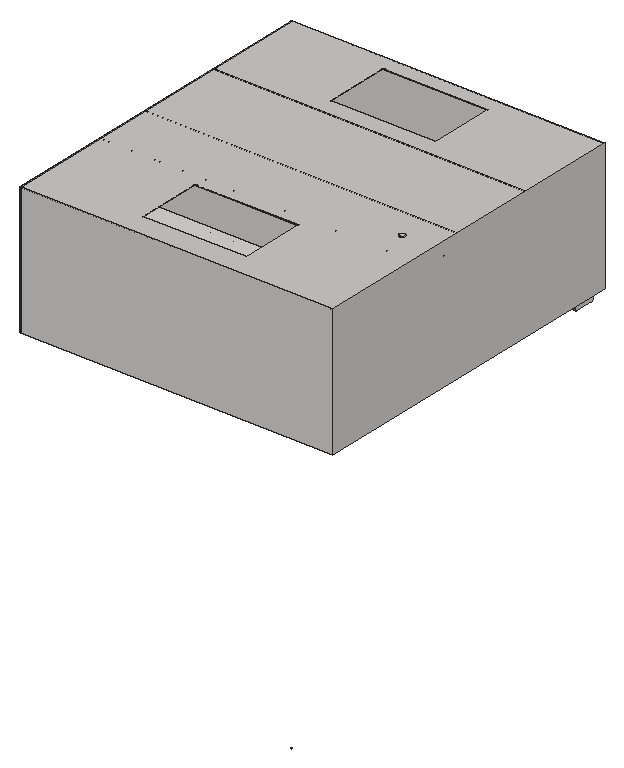
Revit family "QF_ELECTROLUXPROFESSIONAL_640227_STPF1312", category Attrezzature speciali, Revit 2021
Family settings
  Quota connettore circolare = Usa diametro
  Tipo di parte = Normale
  Basato su piano di lavoro = No
  Sempre verticale = Sì
  Taglio con vuoti quando caricato = No
  Condiviso = No
  Punto di calcolo locali = No
Parameters (values of type "Standard")
  Weight = 93.00 kg
  Watts = 120 W
  Volts = 220 V
  URL Manufacturer = "https://www.electroluxprofessional.com/"
  URL = "https://www.electroluxprofessional.com/"
  Steam Supply Size = 0 mm
  Steam Supply Minimum Pressure = 0.0 Pa
  Steam Supply Maximum Pressure = 0.0 Pa
  Steam Consumption per Hour = 0
  Refrigeration Suction Line Size = 0 mm
  Refrigeration Liquid Line Size = 0 mm
  Refrigerant Compressor Remote = yes
  Prospetto di default = 0 mm
  Produttore = "Electrolux Professional"
  Phase = 1
  Modello = "STPF1312"
  Length Actual = 1200 mm  # constant formula
  Item Number = "640227"
  Hot Water Size = 0 mm
  Height Actual = 500 mm  # constant formula
  HP = "0.2 HP"
  Gas Size = 0 mm
  Gas KW = 0
  Gas Input Pressure = 0 W
  Direct Waste Size = 0 mm
  Descrizione = "304 S/S WALL HOOD+FILTER+LAMPS 1200X1300"
  Depth Actual = 1300 mm  # constant formula
  Cycle = 50 Hz
  Condensate Return Size = 0 mm
  Compressed Air Volume = 0.0 L/s
  Compressed Air Size = 0 mm
  Compressed Air Pressure = 0.0 Pa
  Cold Water Size = 0 mm
  Accessory = yes
Reference planes
  plane 1: z = 0
  plane 2 "Center (Left/Right)": x = 150
  plane 3 "LEFT": x = -450
  plane 4 "RIGHT": x = 750
  plane 5 "BACK": y = 550
  plane 6 "TOP": z = 2500
  plane 7 "Base": z = 2000
  plane 8: z = 1955
  plane 9 "DrainY": y = 490
  plane 10: x = -447
  plane 11 "DrainX": x = 630
  plane 12 "AOLeft2": x = 350
  plane 13: x = 747
  plane 14: x = -250
  plane 15: x = 550
  plane 16 "Center (Front/Back)": y = -100
  plane 17 "Front": y = -750
  plane 18 "AOLeft1": x = -50
  plane 19: y = -664
  plane 20: y = -414
  plane 21: y = 240
  plane 22: y = 490
  plane 23 "EI_y": y = -270
  plane 24 "EIx": x = 630
Forms (mm)
  Extrusion 1, solid, material "QF_Finishes_Stainless Steel"
    sketch origin (-450, 0, 360) x (0, 1, 0) y (0, 0, 1)
      loop
        line (550, 1640) -> (550, 2140) -> (-750, 2140) -> (-750, 1640) -> (550, 1640)
    from 0 to 3
  Extrusion 2, solid, material "QF_Finishes_Stainless Steel"
    sketch origin (750, 0, 360) x (0, 1, 0) y (0, 0, 1)
      loop
        line (550, 1640) -> (550, 2140) -> (-750, 2140) -> (-750, 1640) -> (550, 1640)
    from 0 to -3
  Extrusion 3, solid, material "QF_Finishes_Stainless Steel"
    sketch origin (150, 0, 360) x (0, 1, 0) y (0, 0, 1)
      loop
        line (-750, 2140) -> (-750, 1640) -> (-740, 1640) -> (-740, 1640.8) -> (-749.2, 1640.8) -> (-749.2, 2139.19) -> (549.2, 2139.19) -> (549.2, 1640.8) -> (540, 1640.8) -> (540, 1640) -> (550, 1640) -> (550, 2140) -> (-750, 2140)
    from -600 to 600
  Extrusion 4, solid, material "QF_Finishes_Stainless Steel"
    sketch origin (0, 0, 2000) x (0, 1, 0) y (-1, 0, 0)
      loop
        circle (490, -630) r 4.763
    from -30 to 0
  Extrusion 5, void
    sketch origin (0, 0, 2500) x (0, 1, 0) y (-1, 0, 0)
      loop
        line (-414, -350) -> (-414, 50) -> (-664, 50) -> (-664, -350) -> (-414, -350)
    from 0 to -10
  Extrusion 6, solid, material "QF_Finishes_Stainless Steel"
    sketch origin (0, 0, 0) x (1, 0, 0) y (0, 1, 0)
      loop
        line (-450, 550) -> (-450, 549) -> (-449, 549) -> (-449, 550) -> (-450, 550)
    from 0 to 1
  Extrusion 7, solid, material "QF_LAMPS"
    sketch origin (150, 0, 360) x (0, 1, 0) y (0, 0, 1)
      loop
        line (-372.823, 1962.324) -> (-218.948, 2086.929) -> (-227.129, 2097.032) -> (-381.003, 1972.426) -> (-372.823, 1962.324)
    from 597 to -597
  Extrusion 8, solid, material "QF_Finishes_Stainless Steel"
    sketch origin (150, 0, 360) x (0, 1, 0) y (0, 0, 1)
      loop
        line (-750, 2139.19) -> (-750, 1640) -> (-686.602, 1640) -> (-599.146, 1690.493) -> (-610.058, 1709.394) -> (-666.564, 1676.77) -> (-714.704, 1680.982) -> (-749.2, 1730.248) -> (-749.2, 2139.19) -> (-750, 2139.19)
      loop
        line (-373.6, 1961.694) -> (-381.937, 1971.99) -> (-369.095, 1982.182) -> (-369.095, 2139.19) -> (-369.895, 2139.19) -> (-369.895, 1982.569) -> (-682.298, 1734.63) -> (-671.091, 1720.79) -> (-373.6, 1961.694)
      loop
        line (-227.61, 2099.216) -> (-218.171, 2087.559) -> (-154.411, 2139.19) -> (-155.682, 2139.19) -> (-218.052, 2088.684) -> (-226.989, 2099.719) -> (-227.61, 2099.216)
    from -597 to 597
  Sweep 9, solid, material "QF_Finishes_Stainless Steel"
    path origin (0, 0, 0) x (1, 0, 0) y (0, 1, 0)
      loop
        line (750, 550) -> (-450, 550) -> (-450, -750) -> (750, -750) -> (750, 550)
    profile origin (750, -100, 0) x (1, 0, 0) y (0, 0, 1)
      loop
        line (-3, 2000) -> (-3, 2000.8) -> (-19, 2000.8) -> (-19, 2010) -> (-20, 2010) -> (-20, 2000) -> (-3, 2000)
  Extrusion 10, solid, material "QF_Finishes_Stainless Steel"
    sketch origin (150, 0, 0) x (0, 1, 0) y (0, 0, 1)
      loop
        line (414.66, 2095.469) -> (440.643, 2110.471) -> (261.744, 2411.771) -> (235.948, 2396.455) -> (414.66, 2095.469)
    from -597 to -400
  Extrusion 11, solid, material "QF_Finishes_Stainless Steel"
    sketch origin (630, 0, 0) x (0, 1, 0) y (0, 0, 1)
      loop
        line (539, 2000) -> (441, 2000) -> (441, 1989) -> (448.5, 1989) -> (448.5, 1965)
        arc (448.5, 1965) -> (451.429, 1957.929) -> (458.5, 1955) r 10
        line (458.5, 1955) -> (521.5, 1955)
        arc (521.5, 1955) -> (528.571, 1957.929) -> (531.5, 1965) r 10
        line (531.5, 1965) -> (531.5, 1989) -> (539, 1989) -> (539, 2000)
    from 90 to -90
  Extrusion 12, solid, material "QF_Finishes_Stainless Steel"
    sketch origin (150, 0, 360) x (0, 1, 0) y (0, 0, 1)
      loop
        line (-750, 2139.19) -> (-750, 1640) -> (-686.602, 1640) -> (-599.146, 1690.493) -> (-610.058, 1709.394) -> (-666.564, 1676.77) -> (-714.704, 1680.982) -> (-749.2, 1730.248) -> (-749.2, 2139.19) -> (-750, 2139.19)
      loop
        line (-373.6, 1961.694) -> (-381.937, 1971.99) -> (-369.095, 1982.182) -> (-369.095, 2139.19) -> (-369.895, 2139.19) -> (-369.895, 1982.569) -> (-682.298, 1734.63) -> (-671.091, 1720.79) -> (-373.6, 1961.694)
      loop
        line (-227.61, 2099.216) -> (-218.171, 2087.559) -> (-154.411, 2139.19) -> (-155.682, 2139.19) -> (-218.052, 2088.684) -> (-226.989, 2099.719) -> (-227.61, 2099.216)
    from -597 to 597
  Extrusion 13, solid, material "QF_Finishes_Stainless Steel"
    sketch origin (150, 0, 0) x (0, 1, 0) y (0, 0, 1)
      loop
        line (414.66, 2095.469) -> (440.643, 2110.471) -> (261.744, 2411.771) -> (235.948, 2396.455) -> (414.66, 2095.469)
    from 400 to 597
  Extrusion 14, solid, material "QF_Finished_Chrome"
    sketch origin (150, 0, 0) x (0, 1, 0) y (0, 0, 1)
      loop
        line (414.66, 2095.469) -> (440.643, 2110.471) -> (261.744, 2411.771) -> (235.948, 2396.455) -> (414.66, 2095.469)
    from -400 to 400
  Extrusion 15, void
    sketch origin (0, 1180, 2500) x (0, 1, 0) y (-1, 0, 0)
      loop
        line (-690, -350) -> (-690, 50) -> (-940, 50) -> (-940, -350) -> (-690, -350)
    from 0 to -10
  Extrusion 16, solid, material "QF_Finishes_Stainless Steel"
    sketch origin (0, 0, 2500) x (0, 1, 0) y (-1, 0, 0)
      loop
        circle (-270, -630) r 10
    from 0 to 1.6
  Extrusion 17, solid, material "QF_Finishes_Stainless Steel"
    sketch origin (150, 0, 360) x (0, 1, 0) y (0, 0, 1)
      loop
        line (430.005, 1640) -> (540, 1640) -> (540, 1640.8) -> (430.467, 1640.8) -> (371.906, 1742.23) -> (414.858, 1734.657) -> (442.266, 1750.481) -> (442.266, 1765.943) -> (441.466, 1765.943) -> (441.466, 1750.943) -> (414.709, 1735.495) -> (321.153, 1751.991) -> (320.875, 1750.416) -> (371.4, 1741.507) -> (430.005, 1640)
      loop
        line (172.529, 2139.19) -> (242.893, 2017.316) -> (245.133, 2018.715) -> (240.13, 2027.381) -> (238.569, 2026.405) -> (173.453, 2139.19) -> (172.529, 2139.19)
    from -597 to 597
Cuts and joins
  Extrusion 5, Extrusion 15 cuts Extrusion 3
  joined: Extrusion 2, Extrusion 3, Sweep 9
Lines and regions (mm)
  symbolic lines, style "SpecialityEquipment", detail levels coarse
    curve 1: line (750, 550, 2500) -> (-450, 550, 2500)
    curve 2: line (-450, 550, 2500) -> (-450, -750, 2500)
    curve 3: line (750, -750, 2500) -> (750, 550, 2500)
    curve 4: line (-450, 550, 0) -> (750, -750, 0)
    curve 5: line (750, 550, 0) -> (-450, -750, 0)
    curve 6: line (-450, -750, 0) -> (750, -750, 0)
    curve 7: line (350, -414, 0) -> (-50, -414, 0)
    curve 8: line (350, -664, 0) -> (350, -414, 0)
    curve 9: line (-50, -664, 0) -> (350, -664, 0)
    curve 10: line (-50, -414, 0) -> (-50, -664, 0)
  symbolic lines, detail levels coarse
    curve 11: line (-50, 240, 2500) -> (350, 240, 2500)
    curve 12: line (-50, 490, 2500) -> (-50, 240, 2500)
    curve 13: line (350, 490, 2500) -> (-50, 490, 2500)
    curve 14: line (350, 240, 2500) -> (350, 490, 2500)
Dimensions and locks
  plane 3 "LEFT" to plane 4 "RIGHT" = 1200 mm
  equal spacing: plane 3 "LEFT", plane 2 "Center (Left/Right)", plane 4 "RIGHT"
  plane 7 "Base" to plane 8 = 45 mm
  plane 5 "BACK" to plane 9 "DrainY" = 60 mm  (x2)
  plane 3 "LEFT" to plane 10 = 3 mm
  plane 11 "DrainX" to plane 4 "RIGHT" = 120 mm
  plane 13 to plane 4 "RIGHT" = 3 mm
  plane 3 "LEFT" to plane 14 = 200 mm
  plane 15 to plane 4 "RIGHT" = 200 mm
  locked: plane 7 "Base" to level at 2000
  locked: plane 6 "TOP" to plane 7 "Base" at 500
  locked: plane 5 "BACK" to plane 17 "Front" at 1300
  equal spacing: plane 5 "BACK", plane 16 "Center (Front/Back)", plane 17 "Front"
  locked: plane 20 to plane 19 at 250
  plane 19 to plane 17 "Front" = 86 mm
  locked: plane 22 to plane 21 at 250
  plane 5 "BACK" to plane 22 = 60 mm
  locked: plane 23 "EI_y" to plane 17 "Front" at 480
  locked: plane 24 "EIx" to plane 4 "RIGHT" at 120
  locked: plane 18 "AOLeft1" to plane 12 "AOLeft2" at 400
  equal spacing: plane 18 "AOLeft1", plane 2 "Center (Left/Right)", plane 12 "AOLeft2"
  plane 5 "BACK" to plane 17 "Front" = 1300 mm
  aligned and locked: level to plane 1
  aligned and locked: plane 4 "RIGHT" to Extrusion 3
  aligned and locked: Extrusion 3 to plane 3 "LEFT"
  aligned and locked: Extrusion 2 to plane 13
  aligned and locked: Extrusion 10 to plane 10
  aligned and locked: Extrusion 8 to plane 10
  aligned and locked: plane 13 to Extrusion 8
  aligned and locked: Extrusion 5 to plane 18 "AOLeft1"
  aligned and locked: Extrusion 5 to plane 12 "AOLeft2"
  aligned and locked: plane 14 to Extrusion 10
  aligned and locked: plane 15 to Extrusion 13
  aligned and locked: plane 13 to Extrusion 13
  aligned and locked: Extrusion 14 to plane 14
  aligned and locked: Extrusion 14 to plane 15
  aligned and locked: plane 13 to Extrusion 7
  aligned and locked: Extrusion 7 to plane 10
  aligned and locked: Extrusion 15 to plane 21
  aligned and locked: plane 22 to Extrusion 15
  aligned and locked: Extrusion 15 to plane 18 "AOLeft1"
  aligned and locked: Extrusion 15 to plane 12 "AOLeft2"
  aligned and locked: Extrusion 17 to plane 10
  aligned and locked: plane 13 to Extrusion 17
  aligned and locked: plane 13 to Extrusion 12
  aligned and locked: Extrusion 12 to plane 10
  aligned and locked: cut or joined group of Extrusion 2, Extrusion 3, Extrusion 5, Sweep 9, Extrusion 15 to curve 7
  aligned and locked: cut or joined group of Extrusion 2, Extrusion 3, Extrusion 5, Sweep 9, Extrusion 15 to plane 19
  aligned and locked: curve 9 to plane 19
Automatic sketch dimensions
  curve 6 to plane 3 "LEFT" = 0 mm
  curve 4 to plane 3 "LEFT" = 0 mm
  curve 10 to plane 18 "AOLeft1" = 0 mm
  curve 8 to plane 12 "AOLeft2" = 0 mm
  curve 5 to plane 4 "RIGHT" = 0 mm
  curve 6 to plane 4 "RIGHT" = 0 mm
  curve 4 to plane 17 "Front" = 0 mm
  curve 4 to plane 5 "BACK" = 0 mm
  curve 5 to plane 5 "BACK" = 0 mm
  curve 2 to plane 3 "LEFT" = 0 mm
  curve 2 to plane 17 "Front" = 0 mm
  curve 3 to plane 4 "RIGHT" = 0 mm
  curve 3 to plane 17 "Front" = 0 mm
  curve 2 to plane 5 "BACK" = 0 mm
  Extrusion 1 sketch curve to plane 7 "Base" = 0 mm
  Extrusion 1 sketch curve to plane 17 "Front" = 0 mm
  Extrusion 1 sketch curve to plane 5 "BACK" = 0 mm
  Extrusion 1 sketch curve to plane 6 "TOP" = 0 mm
  Extrusion 2 sketch curve to plane 7 "Base" = 0 mm
  Extrusion 2 sketch curve to plane 17 "Front" = 0 mm
  Extrusion 2 sketch curve to plane 5 "BACK" = 0 mm
  Extrusion 2 sketch curve to plane 6 "TOP" = 0 mm
  Extrusion 3 sketch curve to plane 6 "TOP" = 0 mm
  Extrusion 3 sketch curve to plane 17 "Front" = 0 mm
  Extrusion 3 sketch curve to plane 7 "Base" = 0 mm  (x2)
  Extrusion 3 sketch curve to plane 5 "BACK" = 0 mm
  plane 17 "Front" to Extrusion 3 sketch curve = 0.8 mm
  Extrusion 3 sketch curve to Extrusion 3 sketch curve = 9.2 mm
  plane 7 "Base" to Extrusion 3 sketch curve = 0.8 mm  (x2)
  Extrusion 3 sketch curve to plane 5 "BACK" = 10 mm
  Extrusion 3 sketch curve to plane 5 "BACK" = 0.8 mm
  Extrusion 3 sketch curve to plane 6 "TOP" = 0.81 mm
  Extrusion 4 sketch curve to plane 9 "DrainY" = 0 mm
  Extrusion 4 sketch curve to plane 11 "DrainX" = 0 mm
  Extrusion 5 sketch curve to plane 12 "AOLeft2" = 0 mm
  Extrusion 5 sketch curve to plane 18 "AOLeft1" = 0 mm
  plane 19 to Extrusion 5 sketch curve = 0 mm
  Extrusion 5 sketch curve to plane 23 "EI_y" = 144 mm
  Extrusion 6 sketch curve to plane 3 "LEFT" = 0 mm
  Extrusion 6 sketch curve to plane 5 "BACK" = 0 mm
  plane 3 "LEFT" to Extrusion 6 sketch curve = 1 mm
  Extrusion 6 sketch curve to Extrusion 6 sketch curve = 1 mm
  plane 20 to Extrusion 7 sketch curve = 32.997 mm
  Extrusion 7 sketch curve to Extrusion 7 sketch curve = 8.181 mm  (x2)
  plane 23 "EI_y" to Extrusion 7 sketch curve = 42.871 mm
  Extrusion 7 sketch curve to plane 6 "TOP" = 177.676 mm
  Extrusion 7 sketch curve to Extrusion 7 sketch curve = 10.102 mm
  Extrusion 7 sketch curve to plane 6 "TOP" = 53.071 mm
  Extrusion 7 sketch curve to Extrusion 7 sketch curve = 10.103 mm
  Extrusion 8 sketch curve to plane 7 "Base" = 0 mm
  Extrusion 8 sketch curve to plane 17 "Front" = 0 mm
  Extrusion 8 sketch curve to Extrusion 8 sketch curve = 0.8 mm  (x2)
  plane 17 "Front" to Extrusion 8 sketch curve = 35.296 mm
  Extrusion 8 sketch curve to plane 19 = 22.602 mm
  Extrusion 8 sketch curve to plane 19 = 18.298 mm
  Extrusion 8 sketch curve to plane 19 = 7.091 mm
  Extrusion 8 sketch curve to plane 19 = 2.564 mm
  plane 19 to Extrusion 8 sketch curve = 53.942 mm
  Extrusion 8 sketch curve to Extrusion 8 sketch curve = 10.912 mm
  plane 20 to Extrusion 8 sketch curve = 32.063 mm
  Extrusion 8 sketch curve to Extrusion 8 sketch curve = 8.337 mm
  Extrusion 8 sketch curve to Extrusion 8 sketch curve = 12.042 mm
  plane 23 "EI_y" to Extrusion 8 sketch curve = 42.39 mm
  Extrusion 8 sketch curve to Extrusion 8 sketch curve = 0.622 mm
  Extrusion 8 sketch curve to Extrusion 8 sketch curve = 9.44 mm
  Extrusion 8 sketch curve to Extrusion 8 sketch curve = 0.118 mm
  Extrusion 8 sketch curve to plane 6 "TOP" = 0.81 mm  (x3)
  Extrusion 8 sketch curve to plane 16 "Center (Front/Back)" = 55.682 mm
  Extrusion 8 sketch curve to Extrusion 8 sketch curve = 1.271 mm
  plane 7 "Base" to Extrusion 8 sketch curve = 36.77 mm
  plane 7 "Base" to Extrusion 8 sketch curve = 40.982 mm
  plane 7 "Base" to Extrusion 8 sketch curve = 50.493 mm
  Extrusion 8 sketch curve to Extrusion 8 sketch curve = 18.901 mm
  Extrusion 8 sketch curve to Extrusion 8 sketch curve = 44.02 mm
  Extrusion 8 sketch curve to Extrusion 8 sketch curve = 49.266 mm
  Extrusion 8 sketch curve to Extrusion 8 sketch curve = 13.84 mm
  Extrusion 8 sketch curve to plane 6 "TOP" = 178.306 mm
  Extrusion 8 sketch curve to Extrusion 8 sketch curve = 10.296 mm
  Extrusion 8 sketch curve to Extrusion 8 sketch curve = 10.192 mm
  Extrusion 8 sketch curve to Extrusion 8 sketch curve = 0.386 mm
  Extrusion 8 sketch curve to plane 6 "TOP" = 52.441 mm
  Extrusion 8 sketch curve to Extrusion 8 sketch curve = 1.125 mm
  Sweep 9 sketch curve to plane 3 "LEFT" = 0 mm
  Sweep 9 sketch curve to plane 4 "RIGHT" = 0 mm
  Sweep 9 sketch curve to plane 17 "Front" = 0 mm
  Sweep 9 sketch curve to plane 5 "BACK" = 0 mm
  profile plane to Sweep 9 sketch curve = 20 mm
  Sweep 9 sketch curve to Sweep 9 sketch curve = 1 mm
  profile plane to Sweep 9 sketch curve = 3 mm
  level to Sweep 9 sketch curve = 2000 mm
  Sweep 9 sketch curve to Sweep 9 sketch curve = 0.8 mm
  Sweep 9 sketch curve to Sweep 9 sketch curve = 9.2 mm
  Extrusion 10 sketch curve to plane 21 = 4.052 mm
  plane 21 to Extrusion 10 sketch curve = 21.744 mm
  Extrusion 10 sketch curve to plane 9 "DrainY" = 75.34 mm
  Extrusion 10 sketch curve to Extrusion 10 sketch curve = 25.983 mm
  plane 7 "Base" to Extrusion 10 sketch curve = 95.469 mm
  Extrusion 10 sketch curve to Extrusion 10 sketch curve = 15.001 mm
  Extrusion 10 sketch curve to plane 6 "TOP" = 103.545 mm
  Extrusion 10 sketch curve to Extrusion 10 sketch curve = 15.316 mm
  Extrusion 12 sketch curve to plane 7 "Base" = 0 mm
  Extrusion 12 sketch curve to plane 17 "Front" = 0 mm
  Extrusion 12 sketch curve to Extrusion 12 sketch curve = 0.8 mm  (x2)
  plane 17 "Front" to Extrusion 12 sketch curve = 35.296 mm
  Extrusion 12 sketch curve to plane 19 = 22.602 mm
  Extrusion 12 sketch curve to plane 19 = 18.298 mm
  Extrusion 12 sketch curve to plane 19 = 7.091 mm
  Extrusion 12 sketch curve to plane 19 = 2.564 mm
  plane 19 to Extrusion 12 sketch curve = 53.942 mm
  Extrusion 12 sketch curve to Extrusion 12 sketch curve = 10.912 mm
  plane 20 to Extrusion 12 sketch curve = 32.063 mm
  Extrusion 12 sketch curve to Extrusion 12 sketch curve = 8.337 mm
  Extrusion 12 sketch curve to plane 6 "TOP" = 0.81 mm  (x3)
  plane 20 to Extrusion 12 sketch curve = 44.105 mm
  plane 23 "EI_y" to Extrusion 12 sketch curve = 42.39 mm
  Extrusion 12 sketch curve to Extrusion 12 sketch curve = 0.622 mm
  Extrusion 12 sketch curve to Extrusion 12 sketch curve = 9.44 mm
  Extrusion 12 sketch curve to Extrusion 12 sketch curve = 0.118 mm
  Extrusion 12 sketch curve to plane 16 "Center (Front/Back)" = 55.682 mm
  Extrusion 12 sketch curve to Extrusion 12 sketch curve = 1.271 mm
  plane 7 "Base" to Extrusion 12 sketch curve = 36.77 mm
  plane 7 "Base" to Extrusion 12 sketch curve = 40.982 mm
  plane 7 "Base" to Extrusion 12 sketch curve = 50.493 mm
  Extrusion 12 sketch curve to Extrusion 12 sketch curve = 18.901 mm
  Extrusion 12 sketch curve to Extrusion 12 sketch curve = 44.02 mm
  Extrusion 12 sketch curve to Extrusion 12 sketch curve = 49.266 mm
  Extrusion 12 sketch curve to Extrusion 12 sketch curve = 13.84 mm
  Extrusion 12 sketch curve to Extrusion 12 sketch curve = 177.496 mm
  Extrusion 12 sketch curve to Extrusion 12 sketch curve = 10.296 mm
  Extrusion 12 sketch curve to Extrusion 12 sketch curve = 10.192 mm
  Extrusion 12 sketch curve to Extrusion 12 sketch curve = 0.386 mm
  Extrusion 12 sketch curve to plane 6 "TOP" = 52.441 mm
  Extrusion 12 sketch curve to Extrusion 12 sketch curve = 1.125 mm
  Extrusion 13 sketch curve to plane 21 = 4.052 mm
  plane 21 to Extrusion 13 sketch curve = 21.744 mm
  Extrusion 13 sketch curve to plane 9 "DrainY" = 75.34 mm
  Extrusion 13 sketch curve to Extrusion 13 sketch curve = 25.983 mm
  plane 7 "Base" to Extrusion 13 sketch curve = 95.469 mm
  Extrusion 13 sketch curve to Extrusion 13 sketch curve = 15.001 mm
  Extrusion 13 sketch curve to plane 6 "TOP" = 103.545 mm
  Extrusion 13 sketch curve to Extrusion 13 sketch curve = 15.316 mm
  Extrusion 14 sketch curve to plane 21 = 4.052 mm
  plane 21 to Extrusion 14 sketch curve = 21.744 mm
  Extrusion 14 sketch curve to plane 9 "DrainY" = 75.34 mm
  Extrusion 14 sketch curve to Extrusion 14 sketch curve = 25.983 mm
  plane 7 "Base" to Extrusion 14 sketch curve = 95.469 mm
  Extrusion 14 sketch curve to Extrusion 14 sketch curve = 15.001 mm
  Extrusion 14 sketch curve to plane 6 "TOP" = 103.545 mm
  Extrusion 14 sketch curve to Extrusion 14 sketch curve = 15.316 mm
  Extrusion 15 sketch curve to plane 12 "AOLeft2" = 0 mm
  Extrusion 15 sketch curve to plane 21 = 0 mm
  Extrusion 15 sketch curve to plane 9 "DrainY" = 0 mm
  Extrusion 15 sketch curve to plane 18 "AOLeft1" = 0 mm
  Extrusion 16 sketch curve to plane 23 "EI_y" = 0 mm
  Extrusion 16 sketch curve to plane 24 "EIx" = 0 mm
  Extrusion 17 sketch curve to plane 7 "Base" = 0 mm
  Extrusion 17 sketch curve to plane 9 "DrainY" = 47.734 mm
  Extrusion 17 sketch curve to Extrusion 17 sketch curve = 0.8 mm
  plane 9 "DrainY" to Extrusion 17 sketch curve = 50 mm
  plane 7 "Base" to Extrusion 17 sketch curve = 0.8 mm
  Extrusion 17 sketch curve to Extrusion 17 sketch curve = 109.533 mm
  Extrusion 17 sketch curve to Extrusion 17 sketch curve = 0.462 mm  (x2)
  Extrusion 17 sketch curve to Extrusion 17 sketch curve = 26.608 mm
  Extrusion 17 sketch curve to Extrusion 17 sketch curve = 0.148 mm
  Extrusion 17 sketch curve to Extrusion 17 sketch curve = 42.803 mm
  Extrusion 17 sketch curve to Extrusion 17 sketch curve = 0.506 mm
  Extrusion 17 sketch curve to Extrusion 17 sketch curve = 50.247 mm
  Extrusion 17 sketch curve to Extrusion 17 sketch curve = 0.278 mm
  plane 21 to Extrusion 17 sketch curve = 5.133 mm
  Extrusion 17 sketch curve to Extrusion 17 sketch curve = 2.24 mm
  plane 21 to Extrusion 17 sketch curve = 0.13 mm
  Extrusion 17 sketch curve to plane 21 = 1.431 mm
  Extrusion 17 sketch curve to plane 6 "TOP" = 0.81 mm
  Extrusion 17 sketch curve to plane 21 = 66.547 mm
  Extrusion 17 sketch curve to Extrusion 17 sketch curve = 0.924 mm
  plane 7 "Base" to Extrusion 17 sketch curve = 94.657 mm
  Extrusion 17 sketch curve to Extrusion 17 sketch curve = 0.838 mm
  Extrusion 17 sketch curve to Extrusion 17 sketch curve = 6.012 mm
  Extrusion 17 sketch curve to Extrusion 17 sketch curve = 0.723 mm
  Extrusion 17 sketch curve to Extrusion 17 sketch curve = 14.986 mm
  Extrusion 17 sketch curve to Extrusion 17 sketch curve = 15 mm
  Extrusion 17 sketch curve to plane 6 "TOP" = 122.684 mm
  Extrusion 17 sketch curve to Extrusion 17 sketch curve = 1.399 mm
  Extrusion 17 sketch curve to Extrusion 17 sketch curve = 9.089 mm
  Extrusion 17 sketch curve to Extrusion 17 sketch curve = 0.975 mm
  curve 11 to plane 18 "AOLeft1" = 0 mm
  curve 11 to plane 21 = 0 mm
  curve 12 to plane 9 "DrainY" = 0 mm
  curve 11 to plane 12 "AOLeft2" = 0 mm
  Extrusion 11 sketch curve to plane 8 = 0 mm
  Extrusion 11 sketch curve to plane 7 "Base" = 11 mm  (x2)
  Extrusion 11 sketch curve to plane 9 "DrainY" = 49 mm
  Extrusion 11 sketch curve to Extrusion 11 sketch curve = 7.5 mm  (x2)
  Extrusion 11 sketch curve to Extrusion 11 sketch curve = 10 mm
  Extrusion 11 sketch curve to plane 5 "BACK" = 28.5 mm
  Extrusion 11 sketch curve to plane 5 "BACK" = 18.5 mm
  plane 7 "Base" to Extrusion 11 sketch curve = 0 mm
  radius of Extrusion 4 sketch curve = 4.763 mm
  radius of Extrusion 16 sketch curve = 10 mm
Connectors
  piping at (630, 490, 1970), diameter 9.5
    settings: on Extrusion 4, index 1, connector inside diameter 609.6 mm, connector length 0 mm, flow factor 0, pipe flow 0.0 L/s, pressure drop 0.0 Pa, fitting loss kfactor 0, connector angle 0.00°, fixture units 0, engagement length 0 mm, angle of deflection 0.00°, flow configuration 1, flow direction 2, fitting loss method 0, system type 16, joint type 0, gender type 0, connector reference index -1, connector utility 0, adjustable connector no, is connector primary yes, connector description "Drain"
  hvac at (150, -539, 2500)
    settings: on Extrusion 5, index 2, duct flow 0.0 L/s, flow factor 0, pres drop 0.0 Pa, loss coef 0, conn angle 0.00°, conn width 250 mm, conn height 400 mm, conn diameter 609.6 mm, duct sys type 1, conn prof type 1, flow config 1, flow direction 1, loss method 0, conn ref index -1, conn util no, is conn primary yes, conn desc "AIR INLET"
  hvac at (150, 365, 2500)
    settings: on Extrusion 15, index 4, duct flow 0.0 L/s, flow factor 0, pres drop 0.0 Pa, loss coef 0, conn angle 0.00°, conn width 250 mm, conn height 400 mm, conn diameter 609.6 mm, duct sys type 3, conn prof type 1, flow config 1, flow direction 2, loss method 0, conn ref index -1, conn util no, is conn primary no, conn desc "EXHAUST OUTLET"
  electrical at (630, -270, 2501.6), driven by "Volts"
    settings: on Extrusion 16, index 6, voltage 220 V, apparent load 0 VA, apparent load phase1 0 VA, apparent load phase2 0 VA, apparent load phase3 0 VA, power factor 1, load classification "Other", number of poles 1, system type 30, power factor state 1, is connector primary yes, connector utility no, sub classification motor no, connector description "Electrical Connection"
